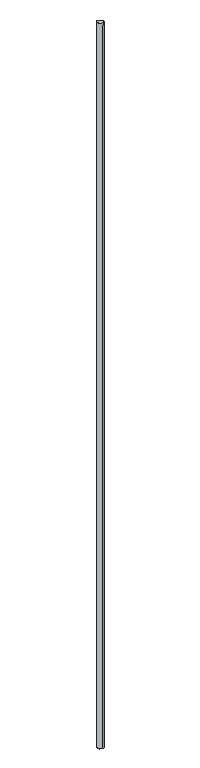
Revit family "Gewindestange VA", category HLS-Bauteile, Revit 2017
Family settings
  Bemaßung runder Anschluss = Durchmesser verwenden
  Teiletyp = Normal
  Arbeitsebenenbasiert = Nein
  Immer vertikal = Nein
  Beim Laden mit Abzugskörper schneiden = Nein
  Gemeinsam genutzt = Ja
  Raumberechnungspunkt = Nein
Parameters (values of type "Gewindestange M10x1000 V2A")
  vpe = "25 St"
  Regelhalter [instance] = ""
  Montagelänge = 1000 mm
  Mengeneinheit = "St"
  Material = "Edelstahl"
  Kurztext2 = "M10 x 1000 mm"
  Kurztext1 = "Gewindestange DIN 976-1 V2A"
  Gewicht pro Stück = (Gewicht * Montagelänge / (1000 mm * 1000)) * 1000  # 0.52 kg
  Gewicht pro Bauteil = Gewicht pro Stück  # 0.52 kg
  Gewicht = 0.52 kg
  Firma = "MEFA Befestigungs- und Montagesysteme GmbH"
  Fabrikat = "MEFA"
  EAN = "4250928417022"
  D = 8.2 mm
  Artikelnummer = "0738009"
Types (9, lengths in mm): name | vpe | Kurztext2 | Kurztext1 | Gewicht pro Stück | Gewicht pro Bauteil | Gewicht | EAN | D | Artikelnummer
  (no name) | "25 St" | "M10 x 1000 mm" | "Gewindestange DIN 976-1 V2A" | 0.52 kg | 0.52 kg | 0.52 kg | "4250928417022" | 8.2 | "0738009"
  Gewindestange M 8x1000 V2A | "50 St" | "M8 x 1000 mm" | "Gewindestange DIN 976-1 V2A" | 0.333 kg | 0.333 kg | 0.333 kg | "4250928417015" | 6.5 | "0738006"
  Gewindestange M10x1000 V2A | "25 St" | "M10 x 1000 mm" | "Gewindestange DIN 976-1 V2A" | 0.52 kg | 0.52 kg | 0.52 kg | "4250928417022" | 8.2 | "0738009"
  Gewindestange M12x1000 V2A | "25 St" | "M12 x 1000 mm" | "Gewindestange DIN 976-1 V2A" | 0.749 kg | 0.749 kg | 0.749 kg | "4250928417039" | 9.9 | "0738012"
  Gewindestange M16x1000 V2A | "10 St" | "M16 x 1000 mm" | "Gewindestange DIN 976-1 V2A" | 1.331 kg | 1.331 kg | 1.331 kg | "4250928417046" | 13.6 | "0738016"
  Gewindestange M 8x1000 V4A | "50 St" | "M8 x 1000 mm" | "Gewindestange DIN 976-1 V4A" | 0.333 kg | 0.333 kg | 0.333 kg | "4250928417053" | 6.5 | "0738508"
  Gewindestange M10x1000 V4A | "25 St" | "M10 x 1000 mm" | "Gewindestange DIN 976-1 V4A" | 0.52 kg | 0.52 kg | 0.52 kg | "4250928417060" | 8.2 | "0738510"
  Gewindestange M12x1000 V4A | "25 St" | "M12 x 1000 mm" | "Gewindestange DIN 976-1 V4A" | 0.749 kg | 0.749 kg | 0.749 kg | "4250928417077" | 9.9 | "0738512"
  Gewindestange M16x1000 V4A | "10 St" | "M16 x 1000 mm" | "Gewindestange DIN 976-1 V4A" | 1.331 kg | 1.331 kg | 1.331 kg | "4250928417084" | 13.6 | "0738516"
Reference planes
  plane 1 "Mitte (Vorne/hinten)": y = 0
  plane 2: z = 0
  plane 3 "Mitte (Links/rechts)": x = 0
  plane 4: z = 1000
Forms (mm)
  Extrusion 1, solid
    sketch origin (0, 0, 0) x (1, 0, 0) y (0, 1, 0)
      loop
        circle (0, 0) r 4.1
    from 0 to 1000
Lines and regions (mm)
  model lines, not visible
    curve 1: line (9.299, 0, 1000) -> (-10.701, 0, 1000)
    curve 2: line (0, 15.717, 1000) -> (0, -4.283, 1000)
    curve 3: line (0, 10.717, 0) -> (0, -9.283, 0)
    curve 4: line (6.799, 0, 0) -> (-13.201, 0, 0)
    curve 5: line (0, 0, 1067.337) -> (0, 0, -112.663)
Dimensions and locks
  "Montagelänge": level to plane 4
  "D": diameter of Extrusion 1 sketch curve
  aligned and locked: level to plane 2
  aligned and locked: Extrusion 1 to level
  aligned and locked: Extrusion 1 to curve 1
  aligned and locked: plane 4 to Extrusion 1
  aligned and locked: curve 2 to plane 4
  aligned and locked: curve 3 to level
  aligned and locked: curve 4 to level
  aligned and locked: plane 3 "Mitte (Links/rechts)" to curve 5
  aligned and locked: curve 5 to plane 1 "Mitte (Vorne/hinten)"
Automatic sketch dimensions
  plane 1 "Mitte (Vorne/hinten)" to curve 2 = 4.283 mm
  plane 1 "Mitte (Vorne/hinten)" to curve 3 = 9.283 mm
  curve 3 to plane 1 "Mitte (Vorne/hinten)" = 10.717 mm
  curve 2 to plane 1 "Mitte (Vorne/hinten)" = 15.717 mm
  curve 4 to plane 3 "Mitte (Links/rechts)" = 13.201 mm
  curve 1 to plane 3 "Mitte (Links/rechts)" = 10.701 mm
  plane 3 "Mitte (Links/rechts)" to curve 4 = 6.799 mm
  plane 3 "Mitte (Links/rechts)" to curve 1 = 9.299 mm
  curve 5 to level = 112.663 mm
  plane 4 to curve 5 = 67.337 mm
  plane 1 "Mitte (Vorne/hinten)" to Extrusion 1 sketch curve = 0 mm
  Extrusion 1 sketch curve to plane 3 "Mitte (Links/rechts)" = 0 mm
